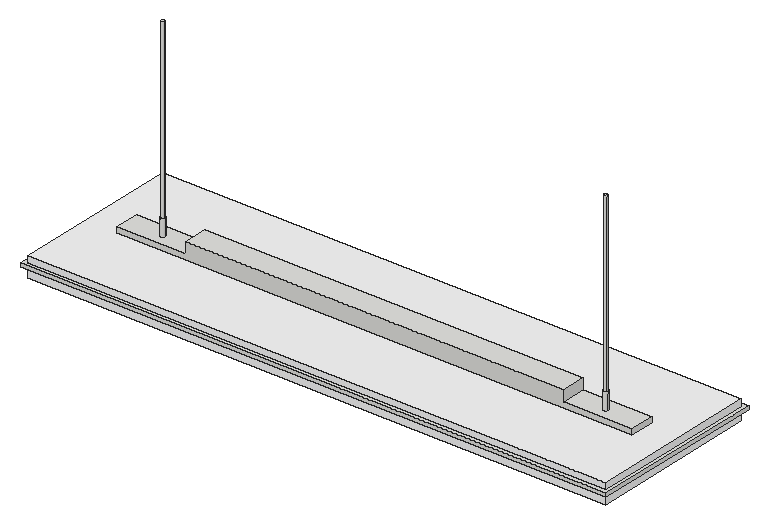
Revit family "Cirrus LED - Ceiling Based", category Lighting Fixtures, host Ceiling, Revit 2014
Parameters (values of type "Cirrus LED")
  Wattage = 36 W
  WarrantyGuarantorParts = "n/a"
  WarrantyDurationParts = "n/a"
  WarrantyDescription = "n/a"
  built-in parameter 1150110 = 1 (stored number, unit not read)
  Version = "v.1.0"
  Uniclass2 = "Pr_70_70_49_43 Light-Emitting Diode (LED) Luminaires"
  Uniclass 1.4 = "JY73"
  URL = "http://riegens.com/cirrus-led"
  TotalWattage = "Max. 38W"
  built-in parameter 1114217 = 1 (stored number, unit not read)
  Tilt Angle = 90.00°
  built-in parameter 1150109 = 1 (stored number, unit not read)
  built-in parameter 1150134 = 12
  TagNumber = "n/a"
  SustainabilityPerformance = "n/a"
  built-in parameter 1150113 = 1 (stored number, unit not read)
  SupplyCircuitConductorConnections = "n/a"
  Size = "361 x 1191 x 40 mm"
  Shape = "Rectangle"
  ProductInformation = "http://riegens.com/cirrus-led"
  PhotometricPerformance = "In accordance with BS EN 13032-1"
  Photometric Web File = "Cirrus LED 36W DI 4000K LensL.ies"
  PhaseReference = "IEC recommendations"
  Optic = "Direct: Anti-glare micro prism optic - Linear (Lens-L), Indirect: With reflectors, soft light."
  Offset from ceiling = 400 mm
  NominalVoltage = "220-240V"
  ModelReference = "Cirrus LED"
  Model = "Cirrus LED"
  Material = "Steel, extruded aluminium, reflectors in aluminium (MIRO quality) and steel, Lens optic and dust cover from PMMA."
  ManufacturersSpecificInformation = "n/a"
  ManufacturerURL = "www.riegens.com"
  Manufacturer = "Riegens A/S"
  built-in parameter 1150105 = 283.61 (stored number, unit not read)
  Lumens = 3564 lm
  LuminaireType = "Suspended Direct/Indirect LED Luminaire."
  LuminairePowerFactor = ">0,9"
  built-in parameter 1150115 = 1 (stored number, unit not read)
  LightSource = "LED 3000K / 4000K"
  LightFixturePlacingType = "Ceiling"
  LightFixtureMountingType = "Suspended"
  built-in parameter 1150137 = (empty or 0)
  built-in parameter 1150139 = (empty or 0)
  LampType = "LED"
  LampRating = "36W"
  LampColourRenderingIndex = "Ra>80"
  built-in parameter 1150112 = 1 (stored number, unit not read)
  built-in parameter 1150114 = 1 (stored number, unit not read)
  InternalFuse = "Only required in emergency versions"
  InsulationStandardClass = "Class 1"
  built-in parameter 1150132 = (empty or 0)
  built-in parameter 1150102 = (empty or 0)
  built-in parameter 1150107 = 4000 (stored number, unit not read)
  built-in parameter 1150138 = (empty or 0)
  built-in parameter 1150106 = 2.8361 (stored number, unit not read)
  IfcExportType = "NOTDEFINED'"
  IfcExportAs = "IfcLightFixtureType'"
  IP_Code = "IP20"
  HasProtectiveEarth = "TRUE"
  Grade = "n/a"
  Frame = Riegens_Steel_Powder coated white RAL901025
  Fp = 900 mm
  Finish = "Powder coated"
  Features = "n/a"
  built-in parameter 1150104 = 9.1974 (stored number, unit not read)
  Documentation = "See URL hyperlink"
  DocumentReference = "See URL hyperlink"
  Dimming Lamp Color Temperature Shift = <None>
  Description = "70-80-35 General Lighting Systems"
  ControlGearPosition = "Integrated "
  Constituents = "n/a"
  Colour = "White and matt anodized aluminium"
  Color Filter = 16777215
  CodePerformance = "n/a"
  Cassette Width = 1191 mm
  Cassette Thickness = 40 mm
  Cassette Depth = 361 mm
  CCSTopnode = "L"
  CCSClassName = "Belysningsarmatur"
  CCSClassCode = "UAC"
  BarCode = "n/a"
  BallastsCELMAEnergyEfficiencyIndex = "Class A1/A2"
  built-in parameter 1114218 = 1 (stored number, unit not read)
  BSAB 96 = "SNB.2"
  BIMObjectName = "Cirrus LED.rfa"
  Author = "3dbyggeri"
  built-in parameter 1150133 = 10 (stored number, unit not read)
  AssetType = "Moveable/Fixed"
  AssetIdentifier = "n/a"
  ArticleNumber = "See URL hyperlink"
  Apparent Load = 240 VA
  AccessibilityPerformance = "n/a"
Reference planes
  plane 1 "Light Source Axis (F/B)": y = 0
  plane 2: z = 0
  plane 3 "Light Source Axis (L/R)": x = 0
  plane 4 "Ceiling": z = 0
  plane 5 "Light Source Elevation": z = -440
  plane 6: y = 180.5
  plane 7: y = -180.5
  plane 8: x = 595.5
  plane 9: x = -595.5
  plane 10: z = -400
  plane 11: z = -367
  plane 12: y = 25
  plane 13: y = -25
  plane 14: x = -587.5
  plane 15: y = -172.5
  plane 16: y = 172.5
  plane 17: x = 587.5
  plane 18: x = -524
  plane 19: x = -384
  plane 20: x = 524
  plane 21: x = 384
  plane 22: x = -490.694
  plane 23: x = 491.306
  plane 24: x = -419
  plane 25: x = 417
  plane 26: z = -438
  plane 27: y = 135
  plane 28: y = -135
  plane 29: x = 550
  plane 30: x = -550
Forms (mm)
  Extrusion 1, solid, material "Riegens_Steel_Plate"
    sketch origin (0, 0, 0) x (0, 1, 0) y (-1, 0, 0)
      loop
        line (180.5, 595.5) -> (-180.5, 595.5) -> (-180.5, -595.5) -> (180.5, -595.5) -> (180.5, 595.5)
      loop
        line (-172.5, -587.5) -> (172.5, -587.5) -> (172.5, 587.5) -> (-172.5, 587.5) -> (-172.5, -587.5)
    from -420 to -412
  Extrusion 2, solid, material "Riegens_Steel_Powder coated white RAL901025" <- "Frame"
    sketch origin (0, 0, 0) x (0, 1, 0) y (-1, 0, 0)
      loop
        line (172.5, 587.5) -> (-172.5, 587.5) -> (-172.5, -587.5) -> (172.5, -587.5) -> (172.5, 587.5)
    from -440 to -400
  Extrusion 3, solid, material "Riegens_Steel_Plate"
    sketch origin (0, 0, -440) x (-1, 0, 0) y (0, -1, 0)
      loop
        line (524, -25) -> (524, 25) -> (-524, 25) -> (-524, -25) -> (524, -25)
    from 40 to 73
  Extrusion 4, void
    sketch origin (0, 0, 0) x (1, 0, 0) y (0, 0, 1)
      loop
        line (-384, -345) -> (-524, -345) -> (-524, -390) -> (-384, -390) -> (-384, -345)
      loop
        line (384, -345) -> (384, -390) -> (524, -390) -> (524, -345) -> (384, -345)
    from -25 to 25
  Extrusion 5, solid, material "Riegens_Steel_Plate"
    sketch origin (0, 0, -440) x (-1, 0, 0) y (0, -1, 0)
      loop
        circle (449.987, 0) r 5
      loop
        circle (-449.981, 0) r 5
    from 50 to 83
  Extrusion 6, solid, material "Riegens_Steel_Plate"
    sketch origin (0, 0, -440) x (-1, 0, 0) y (0, -1, 0)
      loop
        circle (449.987, 0) r 3
      loop
        circle (-449.981, 0) r 3
    from 83 to 440
  Extrusion 7, void
    sketch origin (0, 0, 0) x (0, 1, 0) y (0, 0, 1)
      loop
        line (135, -438) -> (-135, -438) -> (-135, -440) -> (135, -440) -> (135, -438)
    from -550 to 550
  Extrusion 8, solid, material "Riegens_Glass_opal"
    sketch origin (0, 0, 0) x (0, 1, 0) y (-1, 0, 0)
      loop
        line (135, 550) -> (-135, 550) -> (-135, -550) -> (135, -550) -> (135, 550)
    from -440 to -438
Cuts and joins
  Extrusion 4 cuts Extrusion 3
  Extrusion 7 cuts Extrusion 2
Dimensions and locks
  equal spacing: host sketch curve, plane 3 "Light Source Axis (L/R)", host sketch curve
  equal spacing: host sketch curve, plane 1 "Light Source Axis (F/B)", host sketch curve
  host sketch curve to host sketch curve = 4000 mm  (x2)
  locked: plane 4 "Ceiling" to host ceiling at 0
  equal spacing: plane 9, plane 3 "Light Source Axis (L/R)", plane 8
  "Cassette Width": plane 9 to plane 8
  equal spacing: plane 6, plane 1 "Light Source Axis (F/B)", plane 7
  "Cassette Depth": plane 6 to plane 7
  "Offset from ceiling": plane 10 to plane 4 "Ceiling"
  locked: plane 5 "Light Source Elevation" to plane 11 at 73
  locked: plane 5 "Light Source Elevation" to plane 10 at 40
  locked: plane 26 to plane 5 "Light Source Elevation" at 2
  plane 10 to Extrusion 1 to Extrusion 1 = 12 mm locked, 8 mm locked
  locked: plane 6 to plane 27 at 45.5
  aligned and locked: plane 6 to Extrusion 1 sketch curve
  aligned and locked: Extrusion 1 sketch curve to plane 9
  aligned and locked: Extrusion 1 sketch curve to plane 7
  aligned and locked: plane 8 to Extrusion 1 sketch curve
  aligned and locked: plane 16 to Extrusion 2 sketch curve
  aligned and locked: Extrusion 2 sketch curve to plane 14
  aligned and locked: Extrusion 2 sketch curve to plane 15
  aligned and locked: plane 17 to Extrusion 2 sketch curve
  aligned and locked: plane 5 "Light Source Elevation" to Extrusion 2
  aligned and locked: plane 10 to Extrusion 2
  aligned and locked: plane 12 to Extrusion 3 sketch curve
  aligned and locked: Extrusion 3 sketch curve to plane 18
  aligned and locked: Extrusion 3 sketch curve to plane 13
  aligned and locked: Extrusion 3 sketch curve to plane 20
  aligned and locked: Extrusion 3 to plane 10
  aligned and locked: plane 11 to Extrusion 3
  aligned and locked: Extrusion 4 sketch curve to plane 19
  aligned and locked: Extrusion 4 sketch curve to plane 21
  aligned and locked: plane 20 to Extrusion 4 sketch curve
  aligned and locked: plane 18 to Extrusion 4 sketch curve
  aligned and locked: Extrusion 1 sketch curve to Extrusion 2  (x4)
  aligned and locked: Extrusion 6 to plane 4 "Ceiling"
  aligned and locked: Extrusion 6 to Extrusion 5
  aligned and locked: plane 26 to Extrusion 7 sketch curve
  aligned and locked: plane 5 "Light Source Elevation" to Extrusion 7 sketch curve
  aligned and locked: plane 28 to Extrusion 7 sketch curve
  aligned and locked: Extrusion 7 sketch curve to plane 27
  aligned and locked: cut or joined group of Extrusion 2, Extrusion 7 to plane 30
  aligned and locked: cut or joined group of Extrusion 2, Extrusion 7 to plane 29
  aligned and locked: Extrusion 8 sketch curve to cut or joined group of Extrusion 2, Extrusion 7  (x4)
  aligned and locked: plane 5 "Light Source Elevation" to Extrusion 8
  aligned and locked: plane 26 to Extrusion 8
  aligned and locked: imposter light to plane 5 "Light Source Elevation"
Automatic sketch dimensions
  plane 11 to Extrusion 4 sketch curve = 22 mm  (x2)
  plane 1 "Light Source Axis (F/B)" to Extrusion 5 sketch curve = 0 mm  (x2)
  plane 25 to Extrusion 5 sketch curve = 32.981 mm
  Extrusion 5 sketch curve to plane 24 = 30.987 mm
  plane 10 to Extrusion 4 sketch curve = 10 mm  (x2)
  plane 1 "Light Source Axis (F/B)" to Extrusion 6 sketch curve = 0 mm  (x2)
  plane 25 to Extrusion 6 sketch curve = 32.981 mm
  Extrusion 6 sketch curve to plane 24 = 30.987 mm
  Extrusion 7 sketch curve to plane 28 = 0 mm
  radius of Extrusion 5 sketch curve = 5 mm  (x2)
  radius of Extrusion 6 sketch curve = 3 mm  (x2)
Connectors
  electrical at (449.981, 0, -390)
    settings: on Extrusion 5, index 1, voltage 0 V, apparent load 0 VA, apparent load phase1 0 VA, apparent load phase2 0 VA, apparent load phase3 0 VA, power factor 1, load classification "Other", number of poles 1, system type 31, power factor state 1, is connector primary yes, connector utility no, sub classification motor no, connector description ""
